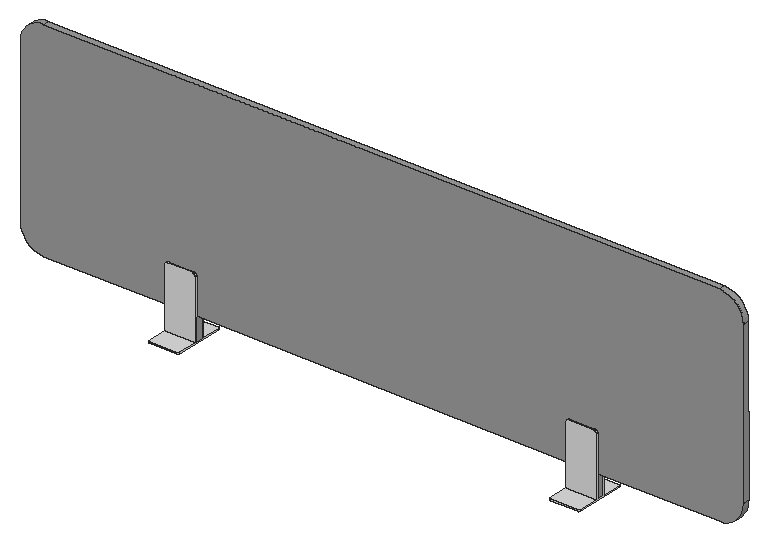
Revit family "Desk_Screens-Teknion-CQCDD_Routes_Smooth_Felt_Double_Desk_Screen-R2019", category Furniture, Revit 2019
Family settings
  OmniClass Number = 23.40.20.00
  OmniClass Title = General Furniture and Specialties
  Work Plane-Based = No
  Always vertical = Yes
  Cut with Voids When Loaded = No
  Shared = Yes
  Room Calculation Point = No
Parameters (values of type "47" Datum Height, 60" Width")
  Width = 60.000"
  Warranty = "http://www.teknion.com/ca/papers/legal-canada"
  Unit Weight URL = "http://www.teknion.com/ca/tools/assets#&asset=bee6a381-b954-425e-8283-5a2de3a804f2,f828d448-4b62-4231-9e5f-9a8991c0ed77"
  URL = "www.teknion.com"
  To render please download texture images found here [instance] = "https://assets.teknion.com/web/5e81352c1dfdb467/revit-material-swatches/"
  Sustainability Data = "https://www.teknion.com/ca/tools/assets#&topic=216f99a5-57a0-44fc-b10a-9dee9b29ae4c&asset=444deb64-fe58-4b68-981e-f75e97781df7,b4ff2d81-9f2e-437d-9659-7cffb09c31cf"
  Smooth Felt Finish [instance] = Fabric - Teknion - R5 - Smooth Felt - Pewter
  Series = "Routes"  # constant formula
  Product Page URL = "https://www.teknion.com/ca/products/product-details?productLineId=70f0476f-8e7a-673b-a6c8-ff05004460c4"
  Product Line = "Routes"  # constant formula
  Product Documentation Link = "https://assets.teknion.com/m/72af4764f50e983c/original/Routes-Reference-Guide.pdf"
  Part Number = "CQCDD"  # constant formula
  Model = "CQCDD4760"
  Manufacturer Phone = "416-661-3370"  # constant formula
  Manufacturer Fax = "416.661.4586"  # constant formula
  Manufacturer Contact Information = "http://www.teknion.com/ca/contactus"
  Manufacturer Address = "1150 Flint Road, Toronto, ON. M3J 2J5. Canada"  # constant formula
  Manufacturer = "Teknion"  # constant formula
  How To Use Teknion Materials User Guide [instance] = "https://assets.teknion.com/m/205dd0a49fa58060/original/How-to-add-a-Material-Library-and-Texture-Images-to-your-Revit-project.pdf"
  Height = 47.000"
  Hardware Finish [instance] = Paint - Teknion - Mica - Arctic
  Hardaware Offset = 12.000"
  For Additional Finishes please visit [instance] = "https://assets.teknion.com/m/44a8009b046e5d47/original/Teknion_Materials_Library.zip"
  Description = "Smooth Felt Double Desk Screen, 47\" Datum Height, 60\" Width"
  Datum Height = 47.000"
  Connection Node Visibility [instance] = yes
  Assembly Code = "E2020200"
  Actual Width = 59.500"
Types (5): name | Width | Model | Height | Hardaware Offset | Description | Datum Height | Actual Width
  (no name) | 60.000" | "CQCDD4760" | 47.000" | 12.000" | "Smooth Felt Double Desk Screen, 47\" Datum Height, 60\" Width" | 47.000" | 59.500"
  47" Datum Height, 60" Width | 60.000" | "CQCDD4760" | 47.000" | 12.000" | "Smooth Felt Double Desk Screen, 47\" Datum Height, 60\" Width" | 47.000" | 59.500"
  42" Datum Height, 60" Width | 60.000" | "CQCDD4260" | 42.000" | 12.000" | "Smooth Felt Double Desk Screen, 42\" Datum Height, 60\" Width" | 42.000" | 59.500"
  47" Datum Height, 48" Width | 48.000" | "CQCDD4748" | 47.000" | 9.600" | "Smooth Felt Double Desk Screen, 47\" Datum Height, 48\" Width" | 47.000" | 47.500"
  42" Datum Height, 48" Width | 48.000" | "CQCDD4248" | 42.000" | 9.600" | "Smooth Felt Double Desk Screen, 42\" Datum Height, 48\" Width" | 42.000" | 47.500"
Reference planes (in)
  plane 1 "Center Front/Back": y = 0
  plane 2: z = 0
  plane 3 "Center Left/Right": x = 0
  plane 4 "Left": x = -29.75
  plane 5 "Right": x = 29.75
  plane 6 "Back": y = 2.125
  plane 7 "Front": y = -2.125
  plane 8 "Top": z = 47
  plane 9: z = 27.895
Forms (in)
  Sweep 1, solid, material "Fabric - Teknion - R5 - Smooth Felt - Pewter" <- "Smooth Felt Finish"
    path origin (0, 0, 0) x (1, 0, 0) y (0, 1, 0)
      loop
        line (0, -0.24606) -> (0, 0.24606)
    profile origin (0, 0, 0) x (-1, 0, 0) y (0, 0, 1)
      loop
        arc (29.75, 45.035) -> (29.17446, 46.42446) -> (27.785, 47) r 1.965
        line (27.785, 47) -> (-27.785, 47)
        arc (-27.785, 47) -> (-29.17446, 46.42446) -> (-29.75, 45.035) r 1.965
        line (-29.75, 45.035) -> (-29.75, 31.86)
        arc (-29.75, 31.86) -> (-29.17446, 30.47054) -> (-27.785, 29.895) r 1.965
        line (-27.785, 29.895) -> (-17.75, 29.895) -> (-17.75, 28) -> (-15.25, 28) -> (-15.25, 29.895) -> (15.25, 29.895) -> (15.25, 28) -> (17.75, 28) -> (17.75, 29.895) -> (27.785, 29.895)
        arc (27.785, 29.895) -> (29.17446, 30.47054) -> (29.75, 31.86) r 1.965
        line (29.75, 31.86) -> (29.75, 45.035)
  Sweep 2, solid, material "Paint - Teknion - Mica - Arctic" <- "Hardware Finish"
    path origin (0, 0, 0) x (1, 0, 0) y (0, 1, 0)
      loop
        line (-17.75, 0) -> (17.75, 0)
    profile origin (0, 0, 0) x (0, 1, 0) y (0, 0, 1)
      loop
        line (0.35106, 27.27) -> (0.35106, 27.895) -> (2.125, 27.895) -> (2.125, 28) -> (0.35106, 28) -> (0.35106, 33.095) -> (0.24606, 33.095) -> (0.24606, 28) -> (-0.24606, 28) -> (-0.24606, 33.095) -> (-0.35106, 33.095) -> (-0.35106, 28) -> (-2.125, 28) -> (-2.125, 27.895) -> (-0.35106, 27.895) -> (-0.35106, 27.27) -> (-0.17622, 27.27) -> (-0.17622, 27.835) -> (0.17622, 27.835) -> (0.17622, 27.27) -> (0.35106, 27.27)
  Sweep 3, void
    path origin (0, 0, 0) x (1, 0, 0) y (0, 0, 1)
      loop
        line (0, 26) -> (0, 36)
    profile origin (0, 0, 31) x (-1, 0, 0) y (0, -1, 0)
      loop
        arc (15.25, 2) -> (15.28661, 2.08839) -> (15.375, 2.125) r 0.125
        line (15.375, 2.125) -> (-15.375, 2.125)
        arc (-15.375, 2.125) -> (-15.28661, 2.08839) -> (-15.25, 2) r 0.125
        line (-15.25, 2) -> (-15.25, -2)
        arc (-15.25, -2) -> (-15.28661, -2.08839) -> (-15.375, -2.125) r 0.125
        line (-15.375, -2.125) -> (15.375, -2.125)
        arc (15.375, -2.125) -> (15.28661, -2.08839) -> (15.25, -2) r 0.125
        line (15.25, -2) -> (15.25, 2)
      loop
        line (17.75, 2) -> (17.75, -2)
        arc (17.75, -2) -> (17.71339, -2.08839) -> (17.625, -2.125) r 0.125
        line (17.625, -2.125) -> (19.25, -2.125) -> (19.25, 2.125) -> (17.625, 2.125)
        arc (17.625, 2.125) -> (17.71339, 2.08839) -> (17.75, 2) r 0.125
      loop
        line (-17.75, -2) -> (-17.75, 2)
        arc (-17.75, 2) -> (-17.71339, 2.08839) -> (-17.625, 2.125) r 0.125
        line (-17.625, 2.125) -> (-19.25, 2.125) -> (-19.25, -2.125) -> (-17.625, -2.125)
        arc (-17.625, -2.125) -> (-17.71339, -2.08839) -> (-17.75, -2) r 0.125
  Sweep 4, void
    path origin (0, 0, 0) x (1, 0, 0) y (0, 1, 0)
      loop
        line (0, 2.125) -> (0, -2.125)
    profile origin (0, 0, 0) x (1, 0, 0) y (0, 0, 1)
      loop
        line (-17.75, 27.895) -> (-17.75, 27.27) -> (-16.79626, 27.27)
        arc (-16.79626, 27.27) -> (-16.85194, 27.29306) -> (-16.875, 27.34874) r 0.07874
        line (-16.875, 27.34874) -> (-16.875, 27.835) -> (-17.175, 27.835) -> (-17.175, 27.895) -> (-17.75, 27.895)
      loop
        line (-15.25, 27.895) -> (-15.825, 27.895) -> (-15.825, 27.835) -> (-16.125, 27.835) -> (-16.125, 27.34874)
        arc (-16.125, 27.34874) -> (-16.14806, 27.29306) -> (-16.20374, 27.27) r 0.07874
        line (-16.20374, 27.27) -> (-15.25, 27.27) -> (-15.25, 27.895)
      loop
        line (17.75, 27.895) -> (17.175, 27.895) -> (17.175, 27.835) -> (16.875, 27.835) -> (16.875, 27.34874)
        arc (16.875, 27.34874) -> (16.85194, 27.29306) -> (16.79626, 27.27) r 0.07874
        line (16.79626, 27.27) -> (17.75, 27.27) -> (17.75, 27.895)
      loop
        line (15.25, 27.895) -> (15.25, 27.27) -> (16.20374, 27.27)
        arc (16.20374, 27.27) -> (16.14806, 27.29306) -> (16.125, 27.34874) r 0.07874
        line (16.125, 27.34874) -> (16.125, 27.835) -> (15.825, 27.835) -> (15.825, 27.895) -> (15.25, 27.895)
      loop
        arc (-17.75, 32.845) -> (-17.67678, 33.02178) -> (-17.5, 33.095) r 0.25
        line (-17.5, 33.095) -> (-17.75, 33.095) -> (-17.75, 32.845)
      loop
        line (-15.25, 32.845) -> (-15.25, 33.095) -> (-15.5, 33.095)
        arc (-15.5, 33.095) -> (-15.32322, 33.02178) -> (-15.25, 32.845) r 0.25
      loop
        arc (15.25, 32.845) -> (15.32322, 33.02178) -> (15.5, 33.095) r 0.25
        line (15.5, 33.095) -> (15.25, 33.095) -> (15.25, 32.845)
      loop
        line (17.75, 32.845) -> (17.75, 33.095) -> (17.5, 33.095)
        arc (17.5, 33.095) -> (17.67678, 33.02178) -> (17.75, 32.845) r 0.25
  Sweep 5, void
    path origin (0, 0, 0) x (1, 0, 0) y (0, 0, 1)
      loop
        line (0, 27.895) -> (0, 25.895)
    profile origin (0, 0, 26.895) x (0, -1, 0) y (1, 0, 0)
      loop
        line (-0.14622, -17.09626) -> (-0.14622, -16.875) -> (-0.35106, -16.875) -> (-0.35106, -17.75) -> (0.35106, -17.75) -> (0.35106, -16.875) -> (0.14622, -16.875) -> (0.14622, -17.09626)
        arc (0.14622, -17.09626) -> (0.12316, -17.15194) -> (0.06748, -17.175) r 0.07874
        line (0.06748, -17.175) -> (-0.06748, -17.175)
        arc (-0.06748, -17.175) -> (-0.12316, -17.15194) -> (-0.14622, -17.09626) r 0.07874
      loop
        arc (-0.14622, -15.90374) -> (-0.12316, -15.84806) -> (-0.06748, -15.825) r 0.07874
        line (-0.06748, -15.825) -> (0.06748, -15.825)
        arc (0.06748, -15.825) -> (0.12316, -15.84806) -> (0.14622, -15.90374) r 0.07874
        line (0.14622, -15.90374) -> (0.14622, -16.125) -> (0.35106, -16.125) -> (0.35106, -15.25) -> (-0.35106, -15.25) -> (-0.35106, -16.125) -> (-0.14622, -16.125) -> (-0.14622, -15.90374)
      loop
        line (-0.14622, 15.90374) -> (-0.14622, 16.125) -> (-0.35106, 16.125) -> (-0.35106, 15.25) -> (0.35106, 15.25) -> (0.35106, 16.125) -> (0.14622, 16.125) -> (0.14622, 15.90374)
        arc (0.14622, 15.90374) -> (0.12316, 15.84806) -> (0.06748, 15.825) r 0.07874
        line (0.06748, 15.825) -> (-0.06748, 15.825)
        arc (-0.06748, 15.825) -> (-0.12316, 15.84806) -> (-0.14622, 15.90374) r 0.07874
      loop
        arc (-0.14622, 17.09626) -> (-0.12316, 17.15194) -> (-0.06748, 17.175) r 0.07874
        line (-0.06748, 17.175) -> (0.06748, 17.175)
        arc (0.06748, 17.175) -> (0.12316, 17.15194) -> (0.14622, 17.09626) r 0.07874
        line (0.14622, 17.09626) -> (0.14622, 16.875) -> (0.35106, 16.875) -> (0.35106, 17.75) -> (-0.35106, 17.75) -> (-0.35106, 16.875) -> (-0.14622, 16.875) -> (-0.14622, 17.09626)
Cuts and joins
  Sweep 3, Sweep 4, Sweep 5 cuts Sweep 2
Lines and regions (in)
  Masking region 1
    outline origin (0, 0, 0) x (1, 0, 0) y (0, 1, 0)
      loop
        line (29.75, 0.24606) -> (-29.75, 0.24606) -> (-29.75, -0.24606) -> (29.75, -0.24606) -> (29.75, 0.24606)
  Masking region 2
    outline origin (0, 0, 0) x (1, 0, 0) y (0, 1, 0)
      loop
        line (-17.75, 0.35106) -> (-15.25, 0.35106) -> (-15.25, 2)
        arc (-15.25, 2) -> (-15.28661, 2.08839) -> (-15.375, 2.125) r 0.125
        line (-15.375, 2.125) -> (-17.625, 2.125)
        arc (-17.625, 2.125) -> (-17.71339, 2.08839) -> (-17.75, 2) r 0.125
        line (-17.75, 2) -> (-17.75, 0.35106)
      loop
        line (-17.75, -0.35106) -> (-17.75, -2)
        arc (-17.75, -2) -> (-17.71339, -2.08839) -> (-17.625, -2.125) r 0.125
        line (-17.625, -2.125) -> (-15.375, -2.125)
        arc (-15.375, -2.125) -> (-15.28661, -2.08839) -> (-15.25, -2) r 0.125
        line (-15.25, -2) -> (-15.25, -0.35106) -> (-17.75, -0.35106)
      loop
        line (17.75, 0.35106) -> (17.75, 2)
        arc (17.75, 2) -> (17.71339, 2.08839) -> (17.625, 2.125) r 0.125
        line (17.625, 2.125) -> (15.375, 2.125)
        arc (15.375, 2.125) -> (15.28661, 2.08839) -> (15.25, 2) r 0.125
        line (15.25, 2) -> (15.25, 0.35106) -> (17.75, 0.35106)
      loop
        line (17.75, -0.35106) -> (15.25, -0.35106) -> (15.25, -2)
        arc (15.25, -2) -> (15.28661, -2.08839) -> (15.375, -2.125) r 0.125
        line (15.375, -2.125) -> (17.625, -2.125)
        arc (17.625, -2.125) -> (17.71339, -2.08839) -> (17.75, -2) r 0.125
        line (17.75, -2) -> (17.75, -0.35106)
  Masking region 3
    outline origin (0, 0, 0) x (1, 0, 0) y (0, 1, 0)
      loop
        line (-17.75, 0.35106) -> (-17.75, 0.24606) -> (-15.25, 0.24606) -> (-15.25, 0.35106) -> (-17.75, 0.35106)
      loop
        line (-17.75, -0.24606) -> (-17.75, -0.35106) -> (-15.25, -0.35106) -> (-15.25, -0.24606) -> (-17.75, -0.24606)
      loop
        line (15.25, 0.35106) -> (15.25, 0.24606) -> (17.75, 0.24606) -> (17.75, 0.35106) -> (15.25, 0.35106)
      loop
        line (15.25, -0.24606) -> (15.25, -0.35106) -> (17.75, -0.35106) -> (17.75, -0.24606) -> (15.25, -0.24606)
  symbolic lines, style "FurnitureHiddenLines", detail levels medium+fine
    curve 1: line (-17.09626, 0.14622, 0) -> (-16.875, 0.14622, 0)
    curve 2: arc (-17.175, 0.06748, 0) -> (-17.15194, 0.12316, 0) -> (-17.09626, 0.14622, 0) r 0.07874
    curve 3: line (-17.175, -0.06748, 0) -> (-17.175, 0.06748, 0)
    curve 4: arc (-17.09626, -0.14622, 0) -> (-17.15194, -0.12316, 0) -> (-17.175, -0.06748, 0) r 0.07874
    curve 5: line (-16.875, -0.14622, 0) -> (-17.09626, -0.14622, 0)
    curve 6: line (-16.875, 0.35106, 0) -> (-16.875, 0.14622, 0)
    curve 7: line (-16.875, -0.14622, 0) -> (-16.875, -0.35106, 0)
    curve 8: line (-16.125, 0.14622, 0) -> (-15.90374, 0.14622, 0)
    curve 9: line (-15.825, 0.06748, 0) -> (-15.825, -0.06748, 0)
    curve 10: arc (-15.90374, 0.14622, 0) -> (-15.84806, 0.12316, 0) -> (-15.825, 0.06748, 0) r 0.07874
    curve 11: line (-15.90374, -0.14622, 0) -> (-16.125, -0.14622, 0)
    curve 12: arc (-15.825, -0.06748, 0) -> (-15.84806, -0.12316, 0) -> (-15.90374, -0.14622, 0) r 0.07874
    curve 13: line (-16.125, 0.14622, 0) -> (-16.125, 0.35106, 0)
    curve 14: line (-16.125, -0.14622, 0) -> (-16.125, -0.35106, 0)
    curve 15: line (15.90374, 0.14622, 0) -> (16.125, 0.14622, 0)
    curve 16: line (15.825, -0.06748, 0) -> (15.825, 0.06748, 0)
    curve 17: line (16.125, -0.14622, 0) -> (15.90374, -0.14622, 0)
    curve 18: arc (15.90374, -0.14622, 0) -> (15.84806, -0.12316, 0) -> (15.825, -0.06748, 0) r 0.07874
    curve 19: arc (15.825, 0.06748, 0) -> (15.84806, 0.12316, 0) -> (15.90374, 0.14622, 0) r 0.07874
    curve 20: line (16.125, 0.14622, 0) -> (16.125, 0.35106, 0)
    curve 21: line (16.125, -0.14622, 0) -> (16.125, -0.35106, 0)
    curve 22: line (16.875, 0.14622, 0) -> (17.09626, 0.14622, 0)
    curve 23: line (17.175, 0.06748, 0) -> (17.175, -0.06748, 0)
    curve 24: arc (17.09626, 0.14622, 0) -> (17.15194, 0.12316, 0) -> (17.175, 0.06748, 0) r 0.07874
    curve 25: line (17.09626, -0.14622, 0) -> (16.875, -0.14622, 0)
    curve 26: arc (17.175, -0.06748, 0) -> (17.15194, -0.12316, 0) -> (17.09626, -0.14622, 0) r 0.07874
    curve 27: line (16.875, 0.14622, 0) -> (16.875, 0.35106, 0)
    curve 28: line (16.875, -0.14622, 0) -> (16.875, -0.35106, 0)
  reference lines
    curve 29: line (29.75, 2.125, 0) -> (29.75, -2.125, 0)
    curve 30: line (-29.75, 2.125, 0) -> (-29.75, -2.125, 0)
Dimensions and locks (in)
  "Actual Width": plane 4 "Left" to plane 5 "Right"
  locked: plane 6 "Back" to plane 7 "Front" at 4.25
  "Height": plane 8 "Top" to level
  locked: plane 9 to level at 27.895
  equal spacing: plane 4 "Left", plane 3 "Center Left/Right", plane 5 "Right"
  equal spacing: plane 6 "Back", plane 1 "Center Front/Back", plane 7 "Front"
  Sweep 1 sketch curve to plane 1 "Center Front/Back" to Sweep 1 sketch curve = 0.24606" locked, 0.24606" locked
  Sweep 1 sketch curve to Sweep 1 sketch curve to plane 4 "Left" to Sweep 1 sketch curve = 0.000" locked, 1.965" locked, 0.000" locked
  Sweep 1 sketch curve to Sweep 1 sketch curve to plane 5 "Right" to Sweep 1 sketch curve = 0.000" locked, 1.965" locked, 0.000" locked
  Sweep 1 sketch curve to Sweep 1 sketch curve to Sweep 1 sketch curve to Sweep 1 sketch curve to Sweep 1 sketch curve to Sweep 1 sketch curve to Sweep 1 sketch curve to plane 9 = 0.000" locked, 1.965" locked, 0.000" locked, 0.000" locked, 1.895" locked, 0.000" locked, 0.105" locked
  plane 8 "Top" to Sweep 1 sketch curve to Sweep 1 sketch curve to Sweep 1 sketch curve = 0.000" locked, 1.965" locked, 0.000" locked
  locked: Sweep 1 sketch curve to Sweep 1 sketch curve at 2.5  (x2)
  "Hardaware Offset": Sweep 1 sketch curve to plane 5 "Right"
  "Hardaware Offset": Sweep 1 sketch curve to plane 4 "Left"
  "Hardaware Offset": plane 4 "Left" to Sweep 2 sketch curve
  "Hardaware Offset": Sweep 2 sketch curve to plane 5 "Right"
  Sweep 2 sketch curve to Sweep 2 sketch curve to Sweep 2 sketch curve to Sweep 2 sketch curve to Sweep 2 sketch curve to plane 1 "Center Front/Back" to Sweep 2 sketch curve to Sweep 2 sketch curve to Sweep 2 sketch curve to Sweep 2 sketch curve to Sweep 2 sketch curve = 1.77394" locked, 0.000" locked, 0.105" locked, 0.06984" locked, 0.17622" locked, 0.17622" locked, 0.06984" locked, 0.105" locked, 0.000" locked, 1.77394" locked
  Sweep 2 sketch curve to Sweep 2 sketch curve to Sweep 2 sketch curve to plane 9 to Sweep 2 sketch curve to Sweep 2 sketch curve to Sweep 2 sketch curve to Sweep 2 sketch curve to Sweep 2 sketch curve to Sweep 2 sketch curve to Sweep 2 sketch curve = 0.000" locked, 0.565" locked, 0.060" locked, 0.000" locked, 0.000" locked, 0.105" locked, 0.000" locked, 0.000" locked, 5.095" locked, 0.000" locked
  Sweep 3 sketch curve to Sweep 3 sketch curve to level = 10.000" locked, 26.000" locked
  Sweep 3 sketch curve to Sweep 2 to Sweep 3 sketch curve to Sweep 3 sketch curve to Sweep 3 sketch curve to Sweep 3 sketch curve to Sweep 3 sketch curve = 1.500" locked, 0.125" locked, 0.000" locked, 2.250" locked, 0.000" locked, 0.125" locked
  Sweep 3 sketch curve to Sweep 3 sketch curve to Sweep 3 sketch curve to Sweep 3 sketch curve to Sweep 3 sketch curve to Sweep 3 sketch curve to Sweep 3 sketch curve = 0.125" locked, 0.000" locked, 2.250" locked, 0.000" locked, 0.125" locked, 1.500" locked
  "Hardaware Offset": Sweep 3 sketch curve to plane 5 "Right"
  "Hardaware Offset": plane 4 "Left" to Sweep 3 sketch curve
  Sweep 3 sketch curve to Sweep 3 sketch curve to Sweep 3 sketch curve to Sweep 3 sketch curve to Sweep 3 sketch curve to Sweep 3 sketch curve to Sweep 3 sketch curve to plane 1 "Center Front/Back" to Sweep 3 sketch curve to Sweep 3 sketch curve to Sweep 3 sketch curve to Sweep 3 sketch curve to Sweep 3 sketch curve to Sweep 3 sketch curve to Sweep 3 sketch curve = 0.000" locked, 0.000" locked, 0.125" locked, 0.000" locked, 0.000" locked, 0.000" locked, 2.000" locked, 2.000" locked, 0.000" locked, 0.000" locked, 0.000" locked, 0.125" locked, 0.000" locked, 0.000" locked
  locked: Sweep 4 sketch curve to plane 6 "Back" at 0
  locked: plane 7 "Front" to Sweep 4 sketch curve at 0
  Sweep 4 sketch curve to Sweep 4 sketch curve to Sweep 4 sketch curve to Sweep 4 sketch curve to Sweep 4 sketch curve to Sweep 4 sketch curve to Sweep 4 sketch curve to Sweep 4 sketch curve to Sweep 4 sketch curve to Sweep 4 sketch curve to Sweep 4 sketch curve to Sweep 4 sketch curve = 0.000" locked, 0.250" locked, 0.325" locked, 0.300" locked, 0.07874" locked, 0.59252" locked, 0.07874" locked, 0.300" locked, 0.325" locked, 0.250" locked, 0.000" locked  (x2)
  "Hardaware Offset": Sweep 4 sketch curve to plane 5 "Right"
  "Hardaware Offset": Sweep 4 sketch curve to plane 4 "Left"
  Sweep 4 sketch curve to Sweep 4 sketch curve to Sweep 4 sketch curve to Sweep 4 sketch curve to plane 9 to Sweep 4 sketch curve to Sweep 4 sketch curve to Sweep 4 sketch curve to Sweep 4 sketch curve to Sweep 4 sketch curve to Sweep 4 sketch curve to Sweep 4 sketch curve to Sweep 4 sketch curve = 0.000" locked, 0.250" locked, 0.000" locked, 4.950" locked, 0.000" locked, 0.000" locked, 0.060" locked, 0.000" locked, 0.48626" locked, 0.000" locked, 0.07874" locked, 0.000" locked  (x2)
  locked: plane 9 to Sweep 5 sketch curve at 2
  Sweep 5 sketch curve to Sweep 5 sketch curve to Sweep 5 sketch curve to Sweep 5 sketch curve to Sweep 5 sketch curve to Sweep 5 sketch curve to Sweep 5 sketch curve to Sweep 5 sketch curve to Sweep 5 sketch curve to Sweep 5 sketch curve to Sweep 5 sketch curve to Sweep 5 sketch curve = 0.575" locked, 0.07874" locked, 0.000" locked, 0.22126" locked, 0.000" locked, 0.750" locked, 0.000" locked, 0.22126" locked, 0.000" locked, 0.07874" locked, 0.575" locked  (x2)
  Sweep 5 sketch curve to Sweep 5 sketch curve to Sweep 5 sketch curve to Sweep 5 sketch curve to Sweep 5 sketch curve to Sweep 5 sketch curve to plane 1 "Center Front/Back" to Sweep 5 sketch curve to Sweep 5 sketch curve to Sweep 5 sketch curve to Sweep 5 sketch curve to Sweep 5 sketch curve to Sweep 5 sketch curve = 0.000" locked, 0.20484" locked, 0.000" locked, 0.07874" locked, 0.000" locked, 0.06748" locked, 0.06748" locked, 0.000" locked, 0.07874" locked, 0.000" locked, 0.20484" locked, 0.000" locked  (x2)
  "Hardaware Offset": Sweep 5 sketch curve to plane 5 "Right"
  "Hardaware Offset": plane 4 "Left" to Sweep 5 sketch curve
  "Hardaware Offset": plane 4 "Left" to Masking region 2 sketch curve
  Masking region 2 sketch curve to Masking region 2 sketch curve to Masking region 2 sketch curve to Masking region 2 sketch curve to Masking region 2 sketch curve to Masking region 2 sketch curve to Masking region 2 sketch curve to Masking region 2 sketch curve = 0.000" locked, 0.125" locked, 0.000" locked, 2.250" locked, 0.000" locked, 0.125" locked, 0.000" locked  (x2)
  Masking region 2 sketch curve to Masking region 2 sketch curve to Masking region 2 sketch curve to Masking region 2 sketch curve to plane 1 "Center Front/Back" to Masking region 2 sketch curve to Masking region 2 sketch curve to Masking region 2 sketch curve to Masking region 2 sketch curve = 0.125" locked, 0.000" locked, 1.64894" locked, 0.35106" locked, 0.35106" locked, 1.64894" locked, 0.000" locked, 0.125" locked  (x2)
  "Hardaware Offset": Masking region 2 sketch curve to plane 5 "Right"
  Masking region 3 sketch curve to Masking region 3 sketch curve to Masking region 3 sketch curve to Masking region 3 sketch curve to plane 1 "Center Front/Back" to Masking region 3 sketch curve to Masking region 3 sketch curve to Masking region 3 sketch curve to Masking region 3 sketch curve = 0.000" locked, 0.105" locked, 0.000" locked, 0.24606" locked, 0.24606" locked, 0.000" locked, 0.105" locked, 0.000" locked
  Masking region 3 sketch curve to Masking region 3 sketch curve to Masking region 3 sketch curve to Masking region 3 sketch curve = 0.000" locked, 2.500" locked, 0.000" locked  (x2)
  "Hardaware Offset": plane 4 "Left" to Masking region 3 sketch curve
  "Hardaware Offset": Masking region 3 sketch curve to plane 5 "Right"
  Sweep 1 to plane 9 = 0.105"
  aligned and locked: level to plane 2
  aligned and locked: plane 3 "Center Left/Right" to Sweep 1 sketch curve
  aligned and locked: plane 1 "Center Front/Back" to Sweep 2 sketch curve
  aligned and locked: plane 3 "Center Left/Right" to Sweep 3 sketch curve
  aligned and locked: Sweep 4 sketch curve to plane 3 "Center Left/Right"
  aligned and locked: plane 9 to Sweep 5 sketch curve
  aligned and locked: Sweep 5 sketch curve to plane 3 "Center Left/Right"
  aligned and locked: plane 3 "Center Left/Right" to nested 1
  aligned and locked: plane 1 "Center Front/Back" to nested 1
  aligned and locked: Sweep 1 to Masking region 1 sketch curve
  aligned and locked: Masking region 1 sketch curve to Sweep 1
  aligned and locked: Masking region 1 sketch curve to plane 4 "Left"
  aligned and locked: Masking region 1 sketch curve to plane 5 "Right"
  aligned and locked: curve 1 to cut or joined group of Sweep 2, Sweep 3, Sweep 4, Sweep 5
  aligned and locked: curve 5 to cut or joined group of Sweep 2, Sweep 3, Sweep 4, Sweep 5
  aligned and locked: curve 6 to curve 5
  aligned and locked: curve 7 to cut or joined group of Sweep 2, Sweep 3, Sweep 4, Sweep 5
  aligned and locked: cut or joined group of Sweep 2, Sweep 3, Sweep 4, Sweep 5 to curve 8
  aligned and locked: curve 10 to cut or joined group of Sweep 2, Sweep 3, Sweep 4, Sweep 5
  aligned and locked: curve 12 to cut or joined group of Sweep 2, Sweep 3, Sweep 4, Sweep 5
  aligned and locked: curve 11 to curve 13
  aligned and locked: cut or joined group of Sweep 2, Sweep 3, Sweep 4, Sweep 5 to curve 14
  aligned and locked: cut or joined group of Sweep 2, Sweep 3, Sweep 4, Sweep 5 to curve 17
  aligned and locked: curve 18 to cut or joined group of Sweep 2, Sweep 3, Sweep 4, Sweep 5
  aligned and locked: curve 19 to cut or joined group of Sweep 2, Sweep 3, Sweep 4, Sweep 5
  aligned and locked: curve 21 to cut or joined group of Sweep 2, Sweep 3, Sweep 4, Sweep 5
  aligned and locked: cut or joined group of Sweep 2, Sweep 3, Sweep 4, Sweep 5 to curve 20
  aligned and locked: cut or joined group of Sweep 2, Sweep 3, Sweep 4, Sweep 5 to curve 22
  aligned and locked: curve 24 to cut or joined group of Sweep 2, Sweep 3, Sweep 4, Sweep 5
  aligned and locked: curve 26 to cut or joined group of Sweep 2, Sweep 3, Sweep 4, Sweep 5
  aligned and locked: curve 25 to curve 27
  aligned and locked: cut or joined group of Sweep 2, Sweep 3, Sweep 4, Sweep 5 to curve 28
  aligned and locked: curve 29 to plane 5 "Right"
  aligned and locked: curve 30 to plane 4 "Left"
Automatic sketch dimensions
  Sweep 3 sketch curve to Sweep 3 sketch curve = 0.000"  (x5)
  Sweep 3 sketch curve to Sweep 3 sketch curve = 0.125"  (x3)
  Sweep 4 sketch curve to Sweep 4 sketch curve = 0.000"  (x4)
  curve 2 to plane 1 "Center Front/Back" = 0.06748"
  plane 1 "Center Front/Back" to curve 4 = 0.06748"
  curve 21 to curve 17 = 0.20484"
  curve 7 to curve 5 = 0.20484"
  curve 14 to curve 11 = 0.20484"
  curve 28 to curve 25 = 0.20484"
  curve 22 to curve 27 = 0.20484"
  curve 1 to curve 6 = 0.20484"
  curve 8 to curve 13 = 0.20484"
  curve 15 to curve 20 = 0.20484"
  plane 7 "Front" to curve 29 = 0.000"
  curve 29 to plane 6 "Back" = 0.000"
  curve 30 to plane 7 "Front" = 0.000"
  curve 30 to plane 6 "Back" = 0.000"
  curve 5 to curve 5 = 0.22126"
Nested families (in)
  nested 1: "Teknion_2D_Node_Family-R2016" at (0, 0, 0), visible <- "Connection Node Visibility", type "Teknion_2D_Node_Family-R2016"
Definition of nested family "Teknion_2D_Node_Family-R2016"
  Reference planes (in)
    plane 1 "Center (Front/Back)": y = 0
    plane 2: z = 0
    plane 3 "Center (Left/Right)": x = 0
  Lines and regions (in)
    detail lines, in view "Ref. Level"
      curve 1: circle (0, 0, 0) r 1.25 normal (0, 0, 1)
      curve 2: line (1.91508, -1.91508, 0) -> (-1.91508, 1.91508, 0)
      curve 3: line (-1.91508, -1.91508, 0) -> (1.91508, 1.91508, 0)
